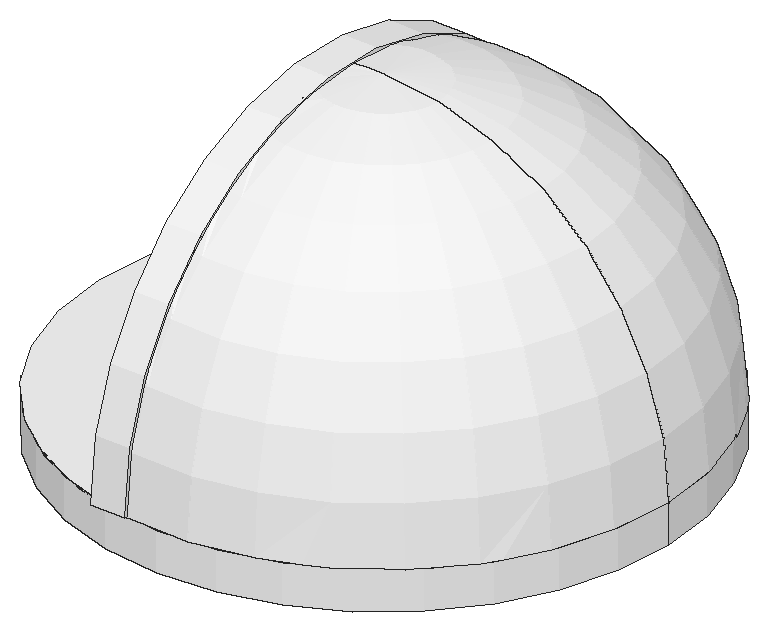
Revit family "KingswayGroup_DrStps_Anti-LigatureDoorStopFloorMounted", category Specialty Equipment, Revit 2020
Family settings
  Round Connector Dimension = Use Diameter
  Part Type = Normal
  Work Plane-Based = No
  Always vertical = Yes
  Cut with Voids When Loaded = No
  Shared = No
  Room Calculation Point = No
Parameters
  WarrantyStartDate [instance] = "1900-12-31T23:59:59"
  WarrantyGuarantorParts = "sales@kingswaygroup.co.uk"
  WarrantyGuarantorLabor = "n/a"
  WarrantyDurationUnit = "year"
  WarrantyDurationParts = "5"
  WarrantyDurationLabor = "n/a"
  WarrantyDescription = "5-Year Guarantee *For faulty manufacture and not for damage"
  Version = "1"
  Uniclass2015Version = "Products v1.36"
  Uniclass2015Title = "Door stops"
  Uniclass2015Code = "Pr_30_36_33_24"
  URL = "https://kingswaygroupglobal.com/"
  TagNumber [instance] = "n/a"
  SustainabilityPerformance = "n/a"
  Size = "45 x 25.5 x 45 mm"
  Shape = "n/a"
  SerialNumber [instance] = "n/a"
  Revision = "n/a"
  ReplacementCost = "n/a"
  ProductInformation = "https://kingswaygroupglobal.com/product/anti-ligature-door-stop-floor-mounted?noredirect=true"
  NominalWidth = 45 mm  # constant formula
  NominalLength = 45 mm  # constant formula
  NominalHeight = 25.5 mm  # constant formula
  Name = "DoorStops_Anti-LigatureDoorStopFloorMounted_KG181_KingswayGroup"
  ModelReference = "Anti-Ligature Door Stop Floor Mounted"
  ModelNumber = "KG181"
  PlateMaterial = NBS_Concept
  RubberMaterial = NBS_Concept
  Model = ModelNumber  # "KG181"
  Material = "Stainless Steel, Rubber"
  ManufacturerURL = "https://kingswaygroupglobal.com/"
  ManufacturerName = "Kingsway Group"  # constant formula
  Manufacturer = ManufacturerName  # "Kingsway Group"
  InstallationDate [instance] = "1900-12-31T23:59:59"
  IfcExportType = "USERDEFINED"  # constant formula
  IfcExportAs = "IfcDiscreteAccessoryType"  # constant formula
  Grade = "n/a"
  Finish = "For full range of available finishes and colours, contact Kingsway Group"
  Features = "An anti-ligature floor mounted door stop manufactured from stainless steel with high impact rubber, designed to prevent doors and surfaces from damaging each other when the door is opened"
  ExpectedLife = "n/a"
  DurationUnit = "year"
  Description = "Floor Mounted Door Stop"
  Default Elevation = 0 mm
  Constituents = "n/a"
  Color = "For full range of available finishes and colours, contact Kingsway Group"
  CodePerformance = "n/a"
  Category = "Pr_30_36_33_24:Door stops"
  BarCode [instance] = "n/a"
  BIMObjectName = "KingswayGroup_DoorStops_Anti-LigatureDoorStopFloorMounted"
  Author = "Kingsway Group"  # constant formula
  AssetType = "Fixed"
  AssetIdentifier [instance] = "n/a"
  AccessibilityPerformance = "n/a"
Reference planes
  plane 1 "Center (Front/Back)": y = 0
  plane 2: z = 0
  plane 3 "Center (Left/Right)": x = 0
  plane 4: z = 3
Forms (mm)
  Extrusion 1, solid, material "NBS_Concept" <- "PlateMaterial"
    sketch origin (1.25, -1.433, 0) x (1, 0, 0) y (0, 1, 0)
      loop
        circle (-1.25, 1.433) r 22.5
    from 0 to 3
  Revolve 2, solid, material "NBS_Concept" <- "PlateMaterial"
    sketch origin (0, 0, 0) x (1, 0, 0) y (0, 0, 1)
      loop
        line (0, 25.5) -> (0, 3) -> (22.5, 3)
        arc (22.5, 3) -> (15.91, 18.91) -> (0, 25.5) r 22.5
      axis (0, 25.5) -> (0, 3)
    angle from 0 to 360
  Extrusion 3, solid, material "NBS_Concept" <- "RubberMaterial"
    sketch origin (0, 0, 0) x (0, 1, 0) y (0, 0, 1)
      loop
        arc (22.5, 3) -> (0, 25.5) -> (-22.5, 3) r 22.5
        line (-22.5, 3) -> (22.5, 3)
    from -5.2 to -2.5
  Extrusion 4, void
    sketch origin (0, 0, 0) x (1, 0, 0) y (0, 0, 1)
      loop
        line (-2.5, 3) -> (-2.5, 25.5) -> (-22.5, 25.5) -> (-22.5, 3) -> (-2.5, 3)
    from -23.378 to 23.2
Cuts and joins
  Extrusion 4 cuts Extrusion 1
  Extrusion 4 cuts Revolve 2
Dimensions and locks
  aligned and locked: level to plane 2
  aligned and locked: plane 4 to Extrusion 1
